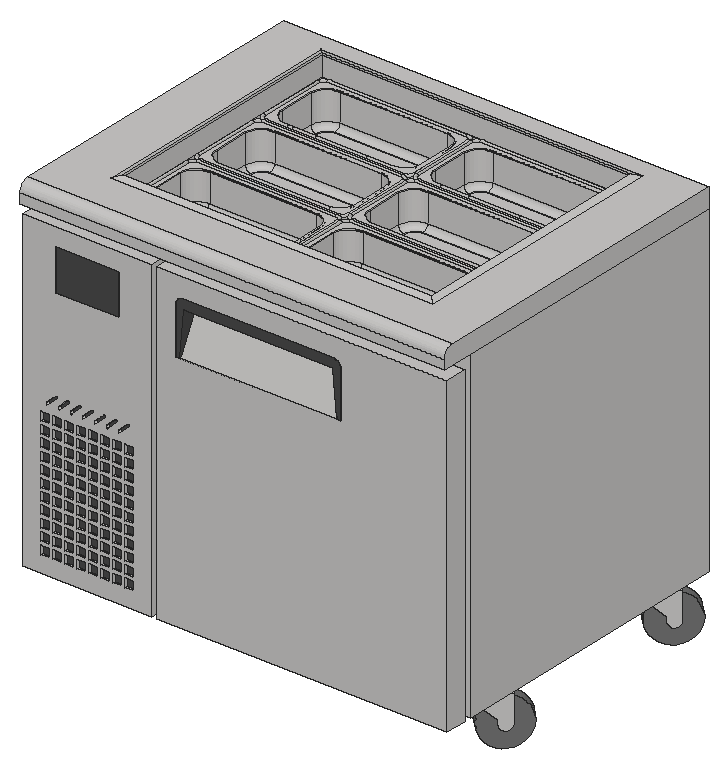
Revit family "QF_Turbo Air_JBT-36", category Specialty Equipment, Revit 2012
Parameters
  Weight in Pounds = 171
  Watermarked By = "http://revitwatermark.com"
  Volts = 115 V
  URL Cutsheet = ""
  URL = "www.turboairinc.com"
  Status [instance] = ""
  Specification by User [instance] = ""
  Specification by Manufacturer [instance] = ""
  Serial Number [instance] = ""
  Revision Code [instance] = ""
  Phase = 1
  Optional Sneeze Guard [instance] = no
  Number of Poles [instance] = 1
  NAFEM Spec ID Number [instance] = ""
  Model = "JBT-36"
  Masterspec [instance] = ""
  Manufacturer = "Turbo Air"  # constant formula
  Legs [instance] = [6 inch Legs]  # no
  Item Number [instance] = "-"
  Installed By [instance] = ""
  HP = "1/4"
  Furnished By [instance] = ""
  Foodservice Equipment Identifier = yes
  FL Amps = 6.6 A
  Electrical Remarks [instance] = ""
  Electric Connection Type [instance] = ""
  Elec Conn RI Height [instance] = 0' - 0"
  Elec Conn Connection Height = 1' - 0"
  Description = "Buffet Display Table"
  Cycle = 60 Hz
  Conn Plug = "NEMA 5-15P"
  Casters [instance] = not(Legs)  # yes
  CasterLeg Height [instance] = if([4 inch Casters], 0' 5", if([5 inch Casters], 0' 5 3/4", if([2_5 inch Casters], 0' 3 3/8", 0' 6")))  # 0' - 5"
  CSI MasterFormat = "11 41 13"
  Assembly Code = "E1090320"
  Apparent Power = if(Phase = 3, Volts * FL Amps * 1.73, Volts * FL Amps)  # 759 VA
  6 inch Legs [instance] = no
  5 inch Casters [instance] = no
  4 inch Casters [instance] = yes
  2_5 inch Casters [instance] = no
Reference planes (in)
  plane 1 "BACK": y = 0
  plane 2: z = 0
  plane 3 "LEFT": x = -20.72594
  plane 4 "Bottom": z = 5
  plane 5 "RIGHT": x = 14.64906
  plane 6 "Door Clearance": y = -49.875
  plane 7 "Back of Door": y = -25.4375
  plane 8 "Front of Box": y = -24.75
  plane 9 "Countertop Bottom": z = 32.125
  plane 10 "Top of Door": z = 31.25
  plane 11 "Front of Doors": y = -27.25
  plane 12 "Front of Ledge": y = -27.5
  plane 13 "Left of Door": x = -9.53844
  plane 14 "Right of Grill": x = -9.97594
  plane 15 "Countertop": z = 33.75
  plane 16 "Trim Left": x = -16.47594
  plane 17 "Opening Left": x = -15.91344
  plane 18 "Trim Right": x = 10.39906
  plane 19 "Opening Right": x = 9.83656
  plane 20 "Trim Back": y = -1.5
  plane 21 "Opening Back": y = -2.0625
  plane 22 "Trim Front": y = -23.375
  plane 23 "Opening Front": y = -22.8125
Forms (in)
  Extrusion 1, solid, material "QF_Finishes_Black"
    sketch origin (0, -24.75, 0) x (1, 0, 0) y (0, 0, 1)
      loop
        line (13.64906, 6) -> (13.64906, 30.25) -> (-8.53844, 30.25) -> (-8.53844, 6) -> (13.64906, 6)
    from 0 to 0.6875
  Extrusion 2, solid, material "QF_Finishes_Stainless Steel"
    sketch origin (0, 0, 0) x (1, 0, 0) y (0, 0, 1)
      loop
        circle (-15.35094, 11.125) r 0.25
    from 0 to -0.0625
  Extrusion 3, solid, material "QF_Finishes_Stainless Steel"
    sketch origin (0, -24.75, 0) x (1, 0, 0) y (0, 0, 1)
      loop
        line (-20.72594, 31.25) -> (-20.72594, 5) -> (-9.97594, 5) -> (-9.97594, 31.25) -> (-20.72594, 31.25)
      loop
        line (-11.47594, 7.125) -> (-12.22594, 7.125) -> (-12.22594, 6.375) -> (-11.47594, 6.375) -> (-11.47594, 7.125)
      loop
        line (-12.47594, 7.125) -> (-13.22594, 7.125) -> (-13.22594, 6.375) -> (-12.47594, 6.375) -> (-12.47594, 7.125)
      loop
        line (-13.47594, 7.125) -> (-14.22594, 7.125) -> (-14.22594, 6.375) -> (-13.47594, 6.375) -> (-13.47594, 7.125)
      loop
        line (-14.47594, 7.125) -> (-15.22594, 7.125) -> (-15.22594, 6.375) -> (-14.47594, 6.375) -> (-14.47594, 7.125)
      loop
        line (-15.47594, 7.125) -> (-16.22594, 7.125) -> (-16.22594, 6.375) -> (-15.47594, 6.375) -> (-15.47594, 7.125)
      loop
        line (-16.47594, 7.125) -> (-17.22594, 7.125) -> (-17.22594, 6.375) -> (-16.47594, 6.375) -> (-16.47594, 7.125)
      loop
        line (-17.47594, 7.125) -> (-18.22594, 7.125) -> (-18.22594, 6.375) -> (-17.47594, 6.375) -> (-17.47594, 7.125)
      loop
        line (-18.47594, 7.125) -> (-19.22594, 7.125) -> (-19.22594, 6.375) -> (-18.47594, 6.375) -> (-18.47594, 7.125)
      loop
        line (-11.47594, 8.125) -> (-12.22594, 8.125) -> (-12.22594, 7.375) -> (-11.47594, 7.375) -> (-11.47594, 8.125)
      loop
        line (-12.47594, 8.125) -> (-13.22594, 8.125) -> (-13.22594, 7.375) -> (-12.47594, 7.375) -> (-12.47594, 8.125)
      loop
        line (-13.47594, 8.125) -> (-14.22594, 8.125) -> (-14.22594, 7.375) -> (-13.47594, 7.375) -> (-13.47594, 8.125)
      loop
        line (-14.47594, 8.125) -> (-15.22594, 8.125) -> (-15.22594, 7.375) -> (-14.47594, 7.375) -> (-14.47594, 8.125)
      loop
        line (-15.47594, 8.125) -> (-16.22594, 8.125) -> (-16.22594, 7.375) -> (-15.47594, 7.375) -> (-15.47594, 8.125)
      loop
        line (-16.47594, 8.125) -> (-17.22594, 8.125) -> (-17.22594, 7.375) -> (-16.47594, 7.375) -> (-16.47594, 8.125)
      loop
        line (-17.47594, 8.125) -> (-18.22594, 8.125) -> (-18.22594, 7.375) -> (-17.47594, 7.375) -> (-17.47594, 8.125)
      loop
        line (-18.47594, 8.125) -> (-19.22594, 8.125) -> (-19.22594, 7.375) -> (-18.47594, 7.375) -> (-18.47594, 8.125)
      loop
        line (-11.47594, 9.125) -> (-12.22594, 9.125) -> (-12.22594, 8.375) -> (-11.47594, 8.375) -> (-11.47594, 9.125)
      loop
        line (-12.47594, 9.125) -> (-13.22594, 9.125) -> (-13.22594, 8.375) -> (-12.47594, 8.375) -> (-12.47594, 9.125)
      loop
        line (-13.47594, 9.125) -> (-14.22594, 9.125) -> (-14.22594, 8.375) -> (-13.47594, 8.375) -> (-13.47594, 9.125)
      loop
        line (-14.47594, 9.125) -> (-15.22594, 9.125) -> (-15.22594, 8.375) -> (-14.47594, 8.375) -> (-14.47594, 9.125)
      loop
        line (-15.47594, 9.125) -> (-16.22594, 9.125) -> (-16.22594, 8.375) -> (-15.47594, 8.375) -> (-15.47594, 9.125)
      loop
        line (-16.47594, 9.125) -> (-17.22594, 9.125) -> (-17.22594, 8.375) -> (-16.47594, 8.375) -> (-16.47594, 9.125)
      loop
        line (-17.47594, 9.125) -> (-18.22594, 9.125) -> (-18.22594, 8.375) -> (-17.47594, 8.375) -> (-17.47594, 9.125)
      loop
        line (-18.47594, 9.125) -> (-19.22594, 9.125) -> (-19.22594, 8.375) -> (-18.47594, 8.375) -> (-18.47594, 9.125)
      loop
        line (-11.47594, 10.125) -> (-12.22594, 10.125) -> (-12.22594, 9.375) -> (-11.47594, 9.375) -> (-11.47594, 10.125)
      loop
        line (-12.47594, 10.125) -> (-13.22594, 10.125) -> (-13.22594, 9.375) -> (-12.47594, 9.375) -> (-12.47594, 10.125)
      loop
        line (-13.47594, 10.125) -> (-14.22594, 10.125) -> (-14.22594, 9.375) -> (-13.47594, 9.375) -> (-13.47594, 10.125)
      loop
        line (-14.47594, 10.125) -> (-15.22594, 10.125) -> (-15.22594, 9.375) -> (-14.47594, 9.375) -> (-14.47594, 10.125)
      loop
        line (-15.47594, 10.125) -> (-16.22594, 10.125) -> (-16.22594, 9.375) -> (-15.47594, 9.375) -> (-15.47594, 10.125)
      loop
        line (-16.47594, 10.125) -> (-17.22594, 10.125) -> (-17.22594, 9.375) -> (-16.47594, 9.375) -> (-16.47594, 10.125)
      loop
        line (-17.47594, 10.125) -> (-18.22594, 10.125) -> (-18.22594, 9.375) -> (-17.47594, 9.375) -> (-17.47594, 10.125)
      loop
        line (-18.47594, 10.125) -> (-19.22594, 10.125) -> (-19.22594, 9.375) -> (-18.47594, 9.375) -> (-18.47594, 10.125)
      loop
        line (-11.47594, 11.125) -> (-12.22594, 11.125) -> (-12.22594, 10.375) -> (-11.47594, 10.375) -> (-11.47594, 11.125)
      loop
        line (-12.47594, 11.125) -> (-13.22594, 11.125) -> (-13.22594, 10.375) -> (-12.47594, 10.375) -> (-12.47594, 11.125)
      loop
        line (-13.47594, 11.125) -> (-14.22594, 11.125) -> (-14.22594, 10.375) -> (-13.47594, 10.375) -> (-13.47594, 11.125)
      loop
        line (-14.47594, 11.125) -> (-15.22594, 11.125) -> (-15.22594, 10.375) -> (-14.47594, 10.375) -> (-14.47594, 11.125)
      loop
        line (-15.47594, 11.125) -> (-16.22594, 11.125) -> (-16.22594, 10.375) -> (-15.47594, 10.375) -> (-15.47594, 11.125)
      loop
        line (-16.47594, 11.125) -> (-17.22594, 11.125) -> (-17.22594, 10.375) -> (-16.47594, 10.375) -> (-16.47594, 11.125)
      loop
        line (-17.47594, 11.125) -> (-18.22594, 11.125) -> (-18.22594, 10.375) -> (-17.47594, 10.375) -> (-17.47594, 11.125)
      loop
        line (-18.47594, 11.125) -> (-19.22594, 11.125) -> (-19.22594, 10.375) -> (-18.47594, 10.375) -> (-18.47594, 11.125)
      loop
        line (-11.47594, 12.125) -> (-12.22594, 12.125) -> (-12.22594, 11.375) -> (-11.47594, 11.375) -> (-11.47594, 12.125)
      loop
        line (-12.47594, 12.125) -> (-13.22594, 12.125) -> (-13.22594, 11.375) -> (-12.47594, 11.375) -> (-12.47594, 12.125)
      loop
        line (-13.47594, 12.125) -> (-14.22594, 12.125) -> (-14.22594, 11.375) -> (-13.47594, 11.375) -> (-13.47594, 12.125)
      loop
        line (-14.47594, 12.125) -> (-15.22594, 12.125) -> (-15.22594, 11.375) -> (-14.47594, 11.375) -> (-14.47594, 12.125)
      loop
        line (-15.47594, 12.125) -> (-16.22594, 12.125) -> (-16.22594, 11.375) -> (-15.47594, 11.375) -> (-15.47594, 12.125)
      loop
        line (-16.47594, 12.125) -> (-17.22594, 12.125) -> (-17.22594, 11.375) -> (-16.47594, 11.375) -> (-16.47594, 12.125)
      loop
        line (-17.47594, 12.125) -> (-18.22594, 12.125) -> (-18.22594, 11.375) -> (-17.47594, 11.375) -> (-17.47594, 12.125)
      loop
        line (-18.47594, 12.125) -> (-19.22594, 12.125) -> (-19.22594, 11.375) -> (-18.47594, 11.375) -> (-18.47594, 12.125)
      loop
        line (-11.47594, 13.125) -> (-12.22594, 13.125) -> (-12.22594, 12.375) -> (-11.47594, 12.375) -> (-11.47594, 13.125)
      loop
        line (-12.47594, 13.125) -> (-13.22594, 13.125) -> (-13.22594, 12.375) -> (-12.47594, 12.375) -> (-12.47594, 13.125)
      loop
        line (-13.47594, 13.125) -> (-14.22594, 13.125) -> (-14.22594, 12.375) -> (-13.47594, 12.375) -> (-13.47594, 13.125)
      loop
        line (-14.47594, 13.125) -> (-15.22594, 13.125) -> (-15.22594, 12.375) -> (-14.47594, 12.375) -> (-14.47594, 13.125)
      loop
        line (-15.47594, 13.125) -> (-16.22594, 13.125) -> (-16.22594, 12.375) -> (-15.47594, 12.375) -> (-15.47594, 13.125)
      loop
        line (-16.47594, 13.125) -> (-17.22594, 13.125) -> (-17.22594, 12.375) -> (-16.47594, 12.375) -> (-16.47594, 13.125)
      loop
        line (-17.47594, 13.125) -> (-18.22594, 13.125) -> (-18.22594, 12.375) -> (-17.47594, 12.375) -> (-17.47594, 13.125)
      loop
        line (-18.47594, 13.125) -> (-19.22594, 13.125) -> (-19.22594, 12.375) -> (-18.47594, 12.375) -> (-18.47594, 13.125)
      loop
        line (-11.47594, 14.125) -> (-12.22594, 14.125) -> (-12.22594, 13.375) -> (-11.47594, 13.375) -> (-11.47594, 14.125)
      loop
        line (-12.47594, 14.125) -> (-13.22594, 14.125) -> (-13.22594, 13.375) -> (-12.47594, 13.375) -> (-12.47594, 14.125)
      loop
        line (-13.47594, 14.125) -> (-14.22594, 14.125) -> (-14.22594, 13.375) -> (-13.47594, 13.375) -> (-13.47594, 14.125)
      loop
        line (-14.47594, 14.125) -> (-15.22594, 14.125) -> (-15.22594, 13.375) -> (-14.47594, 13.375) -> (-14.47594, 14.125)
      loop
        line (-15.47594, 14.125) -> (-16.22594, 14.125) -> (-16.22594, 13.375) -> (-15.47594, 13.375) -> (-15.47594, 14.125)
      loop
        line (-16.47594, 14.125) -> (-17.22594, 14.125) -> (-17.22594, 13.375) -> (-16.47594, 13.375) -> (-16.47594, 14.125)
      loop
        line (-17.47594, 14.125) -> (-18.22594, 14.125) -> (-18.22594, 13.375) -> (-17.47594, 13.375) -> (-17.47594, 14.125)
      loop
        line (-18.47594, 14.125) -> (-19.22594, 14.125) -> (-19.22594, 13.375) -> (-18.47594, 13.375) -> (-18.47594, 14.125)
      loop
        line (-11.47594, 15.125) -> (-12.22594, 15.125) -> (-12.22594, 14.375) -> (-11.47594, 14.375) -> (-11.47594, 15.125)
      loop
        line (-12.47594, 15.125) -> (-13.22594, 15.125) -> (-13.22594, 14.375) -> (-12.47594, 14.375) -> (-12.47594, 15.125)
      loop
        line (-13.47594, 15.125) -> (-14.22594, 15.125) -> (-14.22594, 14.375) -> (-13.47594, 14.375) -> (-13.47594, 15.125)
      loop
        line (-14.47594, 15.125) -> (-15.22594, 15.125) -> (-15.22594, 14.375) -> (-14.47594, 14.375) -> (-14.47594, 15.125)
      loop
        line (-15.47594, 15.125) -> (-16.22594, 15.125) -> (-16.22594, 14.375) -> (-15.47594, 14.375) -> (-15.47594, 15.125)
      loop
        line (-16.47594, 15.125) -> (-17.22594, 15.125) -> (-17.22594, 14.375) -> (-16.47594, 14.375) -> (-16.47594, 15.125)
      loop
        line (-17.47594, 15.125) -> (-18.22594, 15.125) -> (-18.22594, 14.375) -> (-17.47594, 14.375) -> (-17.47594, 15.125)
      loop
        line (-18.47594, 15.125) -> (-19.22594, 15.125) -> (-19.22594, 14.375) -> (-18.47594, 14.375) -> (-18.47594, 15.125)
      loop
        line (-11.47594, 16.125) -> (-12.22594, 16.125) -> (-12.22594, 15.375) -> (-11.47594, 15.375) -> (-11.47594, 16.125)
      loop
        line (-12.47594, 16.125) -> (-13.22594, 16.125) -> (-13.22594, 15.375) -> (-12.47594, 15.375) -> (-12.47594, 16.125)
      loop
        line (-13.47594, 16.125) -> (-14.22594, 16.125) -> (-14.22594, 15.375) -> (-13.47594, 15.375) -> (-13.47594, 16.125)
      loop
        line (-14.47594, 16.125) -> (-15.22594, 16.125) -> (-15.22594, 15.375) -> (-14.47594, 15.375) -> (-14.47594, 16.125)
      loop
        line (-15.47594, 16.125) -> (-16.22594, 16.125) -> (-16.22594, 15.375) -> (-15.47594, 15.375) -> (-15.47594, 16.125)
      loop
        line (-16.47594, 16.125) -> (-17.22594, 16.125) -> (-17.22594, 15.375) -> (-16.47594, 15.375) -> (-16.47594, 16.125)
      loop
        line (-17.47594, 16.125) -> (-18.22594, 16.125) -> (-18.22594, 15.375) -> (-17.47594, 15.375) -> (-17.47594, 16.125)
      loop
        line (-18.47594, 16.125) -> (-19.22594, 16.125) -> (-19.22594, 15.375) -> (-18.47594, 15.375) -> (-18.47594, 16.125)
      loop
        line (-11.47594, 17.125) -> (-12.22594, 17.125) -> (-12.22594, 16.375) -> (-11.47594, 16.375) -> (-11.47594, 17.125)
      loop
        line (-12.47594, 17.125) -> (-13.22594, 17.125) -> (-13.22594, 16.375) -> (-12.47594, 16.375) -> (-12.47594, 17.125)
      loop
        line (-13.47594, 17.125) -> (-14.22594, 17.125) -> (-14.22594, 16.375) -> (-13.47594, 16.375) -> (-13.47594, 17.125)
      loop
        line (-14.47594, 17.125) -> (-15.22594, 17.125) -> (-15.22594, 16.375) -> (-14.47594, 16.375) -> (-14.47594, 17.125)
      loop
        line (-15.47594, 17.125) -> (-16.22594, 17.125) -> (-16.22594, 16.375) -> (-15.47594, 16.375) -> (-15.47594, 17.125)
      loop
        line (-16.47594, 17.125) -> (-17.22594, 17.125) -> (-17.22594, 16.375) -> (-16.47594, 16.375) -> (-16.47594, 17.125)
      loop
        line (-17.47594, 17.125) -> (-18.22594, 17.125) -> (-18.22594, 16.375) -> (-17.47594, 16.375) -> (-17.47594, 17.125)
      loop
        line (-18.47594, 17.125) -> (-19.22594, 17.125) -> (-19.22594, 16.375) -> (-18.47594, 16.375) -> (-18.47594, 17.125)
      loop
        arc (-14.68933, 17.96339) -> (-14.68933, 17.78661) -> (-14.51255, 17.78661) r 0.125
        line (-14.51255, 17.78661) -> (-13.80544, 18.49372)
        arc (-13.80544, 18.49372) -> (-13.80544, 18.6705) -> (-13.98222, 18.6705) r 0.125
        line (-13.98222, 18.6705) -> (-14.68933, 17.96339)
      loop
        arc (-13.68933, 17.96339) -> (-13.68933, 17.78661) -> (-13.51255, 17.78661) r 0.125
        line (-13.51255, 17.78661) -> (-12.80544, 18.49372)
        arc (-12.80544, 18.49372) -> (-12.80544, 18.6705) -> (-12.98222, 18.6705) r 0.125
        line (-12.98222, 18.6705) -> (-13.68933, 17.96339)
      loop
        arc (-12.68933, 17.96339) -> (-12.68933, 17.78661) -> (-12.51255, 17.78661) r 0.125
        line (-12.51255, 17.78661) -> (-11.80544, 18.49372)
        arc (-11.80544, 18.49372) -> (-11.80544, 18.6705) -> (-11.98222, 18.6705) r 0.125
        line (-11.98222, 18.6705) -> (-12.68933, 17.96339)
      loop
        arc (-17.68933, 17.96339) -> (-17.68933, 17.78661) -> (-17.51255, 17.78661) r 0.125
        line (-17.51255, 17.78661) -> (-16.80544, 18.49372)
        arc (-16.80544, 18.49372) -> (-16.80544, 18.6705) -> (-16.98222, 18.6705) r 0.125
        line (-16.98222, 18.6705) -> (-17.68933, 17.96339)
      loop
        arc (-16.68933, 17.96339) -> (-16.68933, 17.78661) -> (-16.51255, 17.78661) r 0.125
        line (-16.51255, 17.78661) -> (-15.80544, 18.49372)
        arc (-15.80544, 18.49372) -> (-15.80544, 18.6705) -> (-15.98222, 18.6705) r 0.125
        line (-15.98222, 18.6705) -> (-16.68933, 17.96339)
      loop
        arc (-15.68933, 17.96339) -> (-15.68933, 17.78661) -> (-15.51255, 17.78661) r 0.125
        line (-15.51255, 17.78661) -> (-14.80544, 18.49372)
        arc (-14.80544, 18.49372) -> (-14.80544, 18.6705) -> (-14.98222, 18.6705) r 0.125
        line (-14.98222, 18.6705) -> (-15.68933, 17.96339)
      loop
        arc (-18.68933, 17.96339) -> (-18.68933, 17.78661) -> (-18.51255, 17.78661) r 0.125
        line (-18.51255, 17.78661) -> (-17.80544, 18.49372)
        arc (-17.80544, 18.49372) -> (-17.80544, 18.6705) -> (-17.98222, 18.6705) r 0.125
        line (-17.98222, 18.6705) -> (-18.68933, 17.96339)
      loop
        line (-12.72594, 29.75) -> (-17.97594, 29.75) -> (-17.97594, 26.375) -> (-12.72594, 26.375) -> (-12.72594, 29.75)
    from 0 to 2.5
  Extrusion 4, solid, material "QF_Finishes_Black"
    sketch origin (0, -24.75, 0) x (1, 0, 0) y (0, 0, 1)
      loop
        line (-19.72594, 5.875) -> (-10.97594, 5.875) -> (-10.97594, 19.125) -> (-19.72594, 19.125) -> (-19.72594, 5.875)
    from 0 to 2.25
  Extrusion 5, solid, material "QF_Finishes_Black"
    sketch origin (0, -24.75, 0) x (1, 0, 0) y (0, 0, 1)
      loop
        line (-17.97594, 29.75) -> (-17.97594, 26.375) -> (-12.72594, 26.375) -> (-12.72594, 29.75) -> (-17.97594, 29.75)
    from 0 to 2.5
  Extrusion 6, solid, material "QF_Finishes_Stainless Steel"
    sketch origin (-20.72594, 0, 0) x (0, 1, 0) y (0, 0, 1)
      loop
        line (0, 33.75) -> (-26.6875, 33.75)
        arc (-26.6875, 33.75) -> (-27.26202, 33.51202) -> (-27.5, 32.9375) r 0.8125
        line (-27.5, 32.9375) -> (-27.5, 32.125) -> (0, 32.125) -> (0, 33.75)
    from 0 to 35.375
  Blend 7, solid, material "QF_Finishes_Polished Steel"
    base sketch origin (0, 0, 33.75) x (0, 1, 0) y (-1, 0, 0)
      loop
        line (-1.5, 16.47594) -> (-23.375, 16.47594) -> (-23.375, -10.39906) -> (-1.5, -10.39906) -> (-1.5, 16.47594)
    top sketch origin (0, 0, 33.75) x (0, 1, 0) y (-1, 0, 0)
      loop
        line (-2.0625, 15.91344) -> (-22.8125, 15.91344) -> (-22.8125, -9.83656) -> (-2.0625, -9.83656) -> (-2.0625, 15.91344)
    from 0 to 0.1875
  Extrusion 8, void
    sketch origin (0, 0, 5) x (0, 1, 0) y (-1, 0, 0)
      loop
        line (-2.0625, 15.91344) -> (-22.8125, 15.91344) -> (-22.8125, -9.83656) -> (-2.0625, -9.83656) -> (-2.0625, 15.91344)
    from 0.1875 to 28.9375
  Extrusion 9, solid, material "QF_Finishes_Stainless Steel"
    sketch origin (0, 0, 5) x (0, 1, 0) y (-1, 0, 0)
      loop
        line (0, 20.72594) -> (-24.75, 20.72594) -> (-24.75, -14.64906) -> (0, -14.64906) -> (0, 20.72594)
      loop
        line (-2.0625, 15.91344) -> (-22.8125, 15.91344) -> (-22.8125, -9.83656) -> (-2.0625, -9.83656) -> (-2.0625, 15.91344)
    from 0 to 27.125
  Extrusion 10, solid, material "QF_Finishes_Stainless Steel"
    sketch origin (0, 0, 5) x (0, 1, 0) y (-1, 0, 0)
      loop
        line (-2.0625, 15.91344) -> (-22.8125, 15.91344) -> (-22.8125, -9.83656) -> (-2.0625, -9.83656) -> (-2.0625, 15.91344)
    from 0 to 21.125
Cuts and joins
  Extrusion 8 cuts Extrusion 6
  Extrusion 8 cuts Blend 7
Lines and regions (in)
  symbolic lines
    curve 1: line (-20.72594, 0, 32.125) -> (14.64906, 0, 32.125)
    curve 2: line (-20.72594, -27.5, 32.125) -> (-20.72594, 0, 32.125)
    curve 3: line (14.64906, -27.5, 32.125) -> (-20.72594, -27.5, 32.125)
    curve 4: line (14.64906, 0, 32.125) -> (14.64906, -27.5, 32.125)
    curve 7: line (-16.47594, -1.5, 32.125) -> (10.39906, -1.5, 32.125)
    curve 8: line (-16.47594, -23.375, 32.125) -> (-16.47594, -1.5, 32.125)
    curve 9: line (10.39906, -23.375, 32.125) -> (-16.47594, -23.375, 32.125)
    curve 10: line (10.39906, -1.5, 32.125) -> (10.39906, -23.375, 32.125)
    curve 11: line (-15.91344, -2.0625, 32.125) -> (9.83656, -2.0625, 32.125)
    curve 12: line (-15.91344, -22.8125, 32.125) -> (-15.91344, -2.0625, 32.125)
    curve 13: line (9.83656, -22.8125, 32.125) -> (-15.91344, -22.8125, 32.125)
    curve 14: line (9.83656, -2.0625, 32.125) -> (9.83656, -22.8125, 32.125)
  symbolic lines, style "QF_Clearances", detail levels coarse
    curve 5: line (14.64906, -27.5, 32.125) -> (14.64906, -49.875, 32.125)
    curve 6: arc (14.64906, -49.875, 32.125) -> (-1.80079, -43.41989, 32.125) -> (-9.47043, -27.5, 32.125) r 24.1875
Dimensions and locks (in)
  "CasterLeg Height": plane 4 "Bottom" to plane 2
  locked: plane 5 "RIGHT" to plane 3 "LEFT" at 35.375
  locked: plane 6 "Door Clearance" to plane 1 "BACK" at 49.875
  plane 9 "Countertop Bottom" to plane 4 "Bottom" = 2' - 3 1/8"
  locked: Extrusion 1 sketch curve to plane 5 "RIGHT" at 1
  locked: nested 1 to plane 1 "BACK" at 2.5625
  locked: plane 3 "LEFT" to nested 1 at 2.5
  locked: plane 3 "LEFT" to nested 2 at 2.5
  locked: plane 8 "Front of Box" to nested 2 at 4.625
  locked: nested 3 to plane 5 "RIGHT" at 2.5
  locked: nested 4 to plane 5 "RIGHT" at 2.5
  locked: plane 8 "Front of Box" to nested 4 at 4.625
  locked: nested 3 to plane 1 "BACK" at 2.5625
  locked: Extrusion 2 sketch curve to plane 4 "Bottom" at 6.125
  locked: Extrusion 1 sketch curve to plane 4 "Bottom" at 1
  locked: plane 10 "Top of Door" to Extrusion 1 sketch curve at 1
  locked: plane 12 "Front of Ledge" to plane 11 "Front of Doors" at 0.25
  locked: plane 9 "Countertop Bottom" to plane 10 "Top of Door" at 0.875
  locked: plane 13 "Left of Door" to plane 5 "RIGHT" at 24.1875
  locked: plane 3 "LEFT" to plane 14 "Right of Grill" at 10.75
  locked: Extrusion 1 sketch curve to plane 13 "Left of Door" at 1
  locked: plane 3 "LEFT" to Extrusion 4 sketch curve at 1
  locked: plane 14 "Right of Grill" to Extrusion 4 sketch curve at 1
  locked: Extrusion 4 sketch curve to plane 4 "Bottom" at 0.875
  locked: Extrusion 4 sketch curve to Extrusion 4 sketch curve at 13.25
  locked: Extrusion 2 sketch curve to plane 3 "LEFT" at 5.375
  locked: plane 11 "Front of Doors" to plane 8 "Front of Box" at 2.5
  locked: plane 7 "Back of Door" to plane 8 "Front of Box" at 0.6875
  locked: plane 12 "Front of Ledge" to plane 1 "BACK" at 27.5
  locked: plane 3 "LEFT" to plane 16 "Trim Left" at 4.25
  locked: plane 16 "Trim Left" to plane 17 "Opening Left" at 0.5625
  locked: plane 18 "Trim Right" to plane 5 "RIGHT" at 4.25
  locked: plane 19 "Opening Right" to plane 18 "Trim Right" at 0.5625
  locked: plane 20 "Trim Back" to plane 1 "BACK" at 1.5
  locked: plane 21 "Opening Back" to plane 20 "Trim Back" at 0.5625
  locked: plane 22 "Trim Front" to plane 23 "Opening Front" at 0.5625
  locked: plane 22 "Trim Front" to plane 20 "Trim Back" at 21.875
  locked: plane 15 "Countertop" to plane 9 "Countertop Bottom" at 1.625
  aligned and locked: level to plane 2
  aligned and locked: plane 7 "Back of Door" to Extrusion 1
  aligned and locked: plane 1 "BACK" to curve 1
  aligned and locked: plane 3 "LEFT" to curve 2
  aligned and locked: plane 4 "Bottom" to nested 5
  aligned and locked: plane 13 "Left of Door" to nested 5
  aligned and locked: Extrusion 3 sketch curve to plane 10 "Top of Door"
  aligned and locked: plane 3 "LEFT" to Extrusion 3 sketch curve
  aligned and locked: plane 4 "Bottom" to Extrusion 3 sketch curve
  aligned and locked: plane 14 "Right of Grill" to Extrusion 3 sketch curve
  aligned and locked: plane 11 "Front of Doors" to Extrusion 3
  aligned and locked: plane 11 "Front of Doors" to Extrusion 5
  aligned and locked: plane 5 "RIGHT" to nested 5
  aligned and locked: curve 3 to plane 12 "Front of Ledge"
  aligned and locked: Extrusion 6 sketch curve to plane 15 "Countertop"
  aligned and locked: plane 1 "BACK" to Extrusion 6 sketch curve
  aligned and locked: plane 9 "Countertop Bottom" to Extrusion 6 sketch curve
  aligned and locked: Extrusion 6 sketch curve to plane 12 "Front of Ledge"
  aligned and locked: plane 5 "RIGHT" to Extrusion 6
  aligned and locked: plane 20 "Trim Back" to Blend 7 sketch curve
  aligned and locked: Blend 7 sketch curve to plane 22 "Trim Front"
  aligned and locked: Blend 7 sketch curve to plane 18 "Trim Right"
  aligned and locked: plane 16 "Trim Left" to Blend 7 sketch curve
  aligned and locked: plane 21 "Opening Back" to Blend 7 sketch curve
  aligned and locked: plane 17 "Opening Left" to Blend 7 sketch curve
  aligned and locked: Blend 7 sketch curve to plane 23 "Opening Front"
  aligned and locked: Blend 7 sketch curve to plane 19 "Opening Right"
  aligned and locked: plane 21 "Opening Back" to Extrusion 8 sketch curve
  aligned and locked: plane 17 "Opening Left" to Extrusion 8 sketch curve
  aligned and locked: Extrusion 8 sketch curve to plane 23 "Opening Front"
  aligned and locked: Extrusion 8 sketch curve to plane 19 "Opening Right"
  aligned and locked: plane 1 "BACK" to Extrusion 9 sketch curve
  aligned and locked: Extrusion 9 sketch curve to plane 5 "RIGHT"
  aligned and locked: plane 3 "LEFT" to Extrusion 9 sketch curve
  aligned and locked: Extrusion 9 sketch curve to plane 8 "Front of Box"
  aligned and locked: plane 17 "Opening Left" to Extrusion 9 sketch curve
  aligned and locked: plane 21 "Opening Back" to Extrusion 9 sketch curve
  aligned and locked: Extrusion 9 sketch curve to plane 19 "Opening Right"
  aligned and locked: Extrusion 9 sketch curve to plane 23 "Opening Front"
  aligned and locked: plane 9 "Countertop Bottom" to Extrusion 9
  aligned and locked: plane 21 "Opening Back" to Extrusion 10 sketch curve
  aligned and locked: Extrusion 10 sketch curve to plane 19 "Opening Right"
  aligned and locked: Extrusion 10 sketch curve to plane 23 "Opening Front"
  aligned and locked: plane 17 "Opening Left" to Extrusion 10 sketch curve
  aligned and locked: plane 20 "Trim Back" to curve 7
  aligned and locked: plane 21 "Opening Back" to curve 11
  aligned and locked: plane 16 "Trim Left" to curve 8
  aligned and locked: plane 17 "Opening Left" to curve 12
  aligned and locked: curve 10 to plane 18 "Trim Right"
  aligned and locked: curve 14 to plane 19 "Opening Right"
  aligned and locked: curve 9 to plane 22 "Trim Front"
  aligned and locked: curve 13 to plane 23 "Opening Front"
  aligned and locked: nested 6 to plane 9 "Countertop Bottom"
  aligned and locked: nested 7 to plane 9 "Countertop Bottom"
  aligned and locked: nested 8 to plane 9 "Countertop Bottom"
  aligned and locked: nested 9 to plane 9 "Countertop Bottom"
  aligned and locked: nested 10 to plane 9 "Countertop Bottom"
  aligned and locked: nested 11 to plane 9 "Countertop Bottom"
Automatic sketch dimensions
  Extrusion 3 sketch curve to Extrusion 3 sketch curve = 0' - 0"  (x162)
  Extrusion 3 sketch curve to Extrusion 3 sketch curve = 0' - 0.08839"  (x42)
  Extrusion 3 sketch curve to Extrusion 3 sketch curve = 0' - 0 1/4"  (x127)
  Extrusion 3 sketch curve to Extrusion 3 sketch curve = 0' - 0.82322"  (x6)
  Extrusion 3 sketch curve to Extrusion 3 sketch curve = 0' - 0.11612"  (x6)
  Extrusion 3 sketch curve to Extrusion 3 sketch curve = 0' - 0 3/4"  (x54)
  Extrusion 3 sketch curve to Extrusion 3 sketch curve = 0' - 0.03661"  (x6)
  Extrusion 3 sketch curve to plane 14 "Right of Grill" = 0' - 2 3/4"
  plane 4 "Bottom" to Extrusion 3 sketch curve = 0' - 1 3/8"  (x2)
  Extrusion 3 sketch curve to Extrusion 3 sketch curve = 0' - 0.66161"  (x7)
  Extrusion 3 sketch curve to Extrusion 3 sketch curve = 0' - 0.53033"  (x6)
  Extrusion 3 sketch curve to Extrusion 3 sketch curve = 0' - 0.70711"  (x2)
  Extrusion 3 sketch curve to plane 10 "Top of Door" = 0' - 4 7/8"
  Extrusion 3 sketch curve to plane 10 "Top of Door" = 0' - 1 1/2"
  Extrusion 5 sketch curve to plane 14 "Right of Grill" = 0' - 2 3/4"
  Extrusion 5 sketch curve to plane 10 "Top of Door" = 0' - 4 7/8"
  Extrusion 5 sketch curve to plane 10 "Top of Door" = 0' - 1 1/2"
  plane 3 "LEFT" to Extrusion 3 sketch curve = 0' - 1 1/2"
  Extrusion 3 sketch curve to Extrusion 3 sketch curve = 0' - 0.53661"
  plane 3 "LEFT" to Extrusion 3 sketch curve = 0' - 2 3/4"
  plane 3 "LEFT" to Extrusion 5 sketch curve = 0' - 2 3/4"
  Extrusion 6 sketch curve to plane 11 "Front of Doors" = 0' - 0 9/16"
  curve 6 to plane 5 "RIGHT" = 0' - 0"
  plane 6 "Door Clearance" to curve 6 = 0' - 0"
  plane 7 "Back of Door" to curve 6 = 0' - 0 1/4"
  radius of Extrusion 2 sketch curve = 0' - 0 1/4"
Nested families (in)
  nested 1: "FESCasterLeg" at (-18.22594, -2.5625, 0), Height <- "CasterLeg Height", Legs <- "Legs", Casters <- "Casters", type "FESCasterLeg"
    with Legs no, Height 0' - 5", Casters yes, Caster Radius 0' - 2"
  nested 2: "FESCasterLeg" at (-18.22594, -20.125, 0), Height <- "CasterLeg Height", Legs <- "Legs", Casters <- "Casters", type "FESCasterLeg"
    with Legs no, Height 0' - 5", Casters yes, Caster Radius 0' - 2"
  nested 3: "FESCasterLeg" at (12.14906, -2.5625, 0), Height <- "CasterLeg Height", Legs <- "Legs", Casters <- "Casters", type "FESCasterLeg"
    with Legs no, Height 0' - 5", Casters yes, Caster Radius 0' - 2"
  nested 4: "FESCasterLeg" at (12.14906, -20.125, 0), Height <- "CasterLeg Height", Legs <- "Legs", Casters <- "Casters", type "FESCasterLeg"
    with Legs no, Height 0' - 5", Casters yes, Caster Radius 0' - 2"
  nested 5: "QF_Turbo Air_TBL_Door-1" at (-0.52761, -25.4375, 5) x (-1, 0, 0) z (0, 0, 1), type "QF_Turbo Air_TBL_Door-1"
    with Width 2' - 0 3/16", Symbolic Lines no, Height 2' - 2 1/4", Handle Width 1' - 1 11/16", Depth 0' - 1 13/16"
  nested 6: "QF_Turbo Air_Pan" at (-1.39408, -2.1875, 32.125), type "QF_Turbo Air_Pan"
    with Width 1' - 0 3/4", Pan Depth 0' - 3", Depth 0' - 6 13/16"
  nested 7: "QF_Turbo Air_Pan" at (11.35592, -2.1875, 32.125), type "QF_Turbo Air_Pan"
    with Width 1' - 0 3/4", Pan Depth 0' - 3", Depth 0' - 6 13/16"
  nested 8: "QF_Turbo Air_Pan" at (-1.39408, -9, 32.125), type "QF_Turbo Air_Pan"
    with Width 1' - 0 3/4", Pan Depth 0' - 3", Depth 0' - 6 13/16"
  nested 9: "QF_Turbo Air_Pan" at (11.35592, -9, 32.125), type "QF_Turbo Air_Pan"
    with Width 1' - 0 3/4", Pan Depth 0' - 3", Depth 0' - 6 13/16"
  nested 10: "QF_Turbo Air_Pan" at (-1.39408, -15.8125, 32.125), type "QF_Turbo Air_Pan"
    with Width 1' - 0 3/4", Pan Depth 0' - 3", Depth 0' - 6 13/16"
  nested 11: "QF_Turbo Air_Pan" at (11.35592, -15.8125, 32.125), type "QF_Turbo Air_Pan"
    with Width 1' - 0 3/4", Pan Depth 0' - 3", Depth 0' - 6 13/16"
  nested 12: "QF_Turbo Air_SNZ_cat" at (23.88575, -12.375, 33.75), visible <- "Optional Sneeze Guard", type "SNZ-36"
    with Status "", Specification by User "", Specification by Manufacturer "", Serial Number "", Revision Code "", NAFEM Spec ID Number "", Masterspec "", Item Number "-", Installed By "", Furnished By "", Width 2' - 11 3/8", Weight in Pounds 11
Connectors (in)
  electrical at (-15.35094, 0.0625, 11.125), driven by "Number of Poles", driven by "Volts", driven by "Apparent Power"
    settings: on Extrusion 2, index 1, voltage 115 V, apparent load 759 VA, apparent load phase1 0 VA, apparent load phase2 0 VA, apparent load phase3 0 VA, power factor 1, load classification "Other", number of poles 1, system type 30, power factor state 1, is connector primary yes, connector utility no, sub classification motor no, connector description ""
Definition of nested family "FESCasterLeg"
  Parameters (values of type "FESCasterLeg")
    Watermarked By = "http://revitwatermark.com"
    Type Comments = "⍁⍉⌁⌀⏭⎽⌇⍠⌜⍉⎖⌥⌦⌯⍭⏊⍻⍿⍊⏵⍊⏗⏠⍴⎡⌈⎀⍠⌓⌤⏘⎐⍀⌐⏬⏁⎈⏍⏦⎒⏬⌝⍩⍇⌣〈⎫〉⎁⏊⍥⍖⍥⍝⍦⌖⍀⏌⏭⎝⎼⏷⏞⍻⏯⎽⏷⏞⍻⏯⎽⏷⎺⌻⎝⍎⌧⏷⏟⏿⌿⍜⍦⍤⌁⍬⏶⏎⍊⏚⏉⎞⌡⎀⎪⏈⌟⌿⍾⍼⌟⌿⌢⌞⏜⏝⎽⍷⍷⍯⍧⍷⌯⍽⏸⏨⏾⏎⌣⏺⍹⏼⏅⎏⌽⎫⎪⍙⎓⏗⎗⏅⌴⍏⍏⍿⏑⎺⍘⌭⏲⍥⎛⎾⎾⍞⍌⎪⎲⌙⎥⏏⎟⎟⏼⏘⎏⎝⏧⏍⏁⍏⍧⏯⏾⌟"
    Legs [instance] = yes
    Height [instance] = 0' - 6"
    Caster Radius [instance] = if(Height < 0' 3", 0' 1", (Height / 2) - 0' 0 1/2")  # 0' - 2 1/2"
    Casters [instance] = yes
    Assembly Code = ""
  Reference planes (in)
    plane 1 "Center (Front/Back)": y = 0
    plane 2: z = 0
    plane 3 "Center (Left/Right)": x = 0
    plane 4: z = 6
    plane 5: z = 5.5
  Forms (in)
    Extrusion 1, solid, material "QF_Finishes_Stainless Steel", visible <- "Casters"
      sketch origin (-24.12131, -22.88887, 10.18833) x (0.707107, 0.707107, 0) y (0, 0, 1)
        loop
          line (34.98772, -7.68833) -> (34.98772, -4.93833) -> (34.48772, -4.93833) -> (34.39402, -4.68833) -> (32.39402, -4.68833) -> (32.39402, -5.43833) -> (33.98772, -7.34206) -> (33.98772, -7.68833)
          arc (33.98772, -7.68833) -> (34.48772, -8.18833) -> (34.98772, -7.68833) r 0.5
      from 0 to 1.75
    Extrusion 2, solid, material "QF_Finishes_Rubber Black", visible <- "Casters"
      sketch origin (-24.32327, -23.09083, 13.31461) x (0.707107, 0.707107, 0) y (0, 0, 1)
        loop
          circle (34.77334, -10.81461) r 2.5
      from 0.375 to 1.375
    Extrusion 3, solid, material "QF_Finishes_Stainless Steel", visible <- "Casters"
      sketch origin (-7.24148, -8.48391, 0) x (0.707107, 0.707107, 0) y (0, 0, 1)
        loop
          line (10.61603, 5.5) -> (11.61603, 5.5) -> (11.61603, 6) -> (10.61603, 6) -> (10.61603, 5.5)
      from 0 to -1.75
    Blend 4, solid, material "QF_Finishes_Stainless Steel", visible <- "Legs"
      base sketch origin (0, 0, 0) x (1, 0, 0) y (0, 1, 0)
        loop
          circle (0, 0) r 0.5
      top sketch origin (0, 0, 0) x (1, 0, 0) y (0, 1, 0)
        loop
          circle (0, 0) r 1
      from 0 to 6 <- "Height"
  Lines and regions (in)
    symbolic lines, style "QF_Hidden Details", visible <- "Casters", built-in parameter 1006206 <- "Casters"
      curve 1: line (-1.26158, -0.51911, 0) -> (1.39007, 2.13254, 0)
      curve 2: line (-0.53429, -1.24639, 0) -> (2.11736, 1.40526, 0)
    symbolic lines, style "QF_Hidden Details", built-in parameter 1006206 <- "Casters", visible <- "Casters"
      curve 3: line (-1.26158, -0.51911, 0) -> (1.39007, 2.13254, 0)
      curve 4: line (-0.53429, -1.24639, 0) -> (2.11736, 1.40526, 0)
  Dimensions and locks (in)
    locked: plane 4 to plane 5 at 0.5
    "Height": plane 4 to level
    "Caster Radius": Extrusion 2 sketch curve to level
    "Caster Radius": Extrusion 1 sketch curve to level
    "Caster Radius": radius of Extrusion 2 sketch curve
    aligned and locked: plane 2 to level
    aligned: Blend 4 to Extrusion 3
    aligned and locked: plane 4 to Blend 4
    aligned and locked: Extrusion 3 to plane 5
    aligned and locked: plane 4 to Extrusion 3
    aligned and locked: plane 5 to Extrusion 1
  Automatic sketch dimensions
    plane 1 "Center (Front/Back)" to curve 3 = 0' - 0.51911"
    curve 3 to plane 3 "Center (Left/Right)" = 0' - 1.26158"
    plane 1 "Center (Front/Back)" to curve 1 = 0' - 0.51911"
    curve 1 to curve 3 = 0' - 0"  (x3)
    curve 4 to plane 3 "Center (Left/Right)" = 0' - 0.53429"
    curve 2 to curve 4 = 0' - 0"  (x2)
    plane 3 "Center (Left/Right)" to curve 3 = 0' - 1.39007"
    curve 1 to curve 4 = 0' - 0.72729"
    curve 2 to curve 1 = 0' - 0.72729"
    curve 4 to curve 2 = 0' - 0"  (x2)
    curve 2 to plane 1 "Center (Front/Back)" = 0' - 1.40526"
    curve 2 to curve 3 = 0' - 0.72729"
    plane 5 to Extrusion 1 sketch curve = 0' - 0"
    Extrusion 1 sketch curve to Extrusion 1 sketch curve = 0' - 1.5937"
    Extrusion 1 sketch curve to Extrusion 1 sketch curve = 0' - 2"
    Extrusion 1 sketch curve to Extrusion 1 sketch curve = 0' - 0.0937"
    Extrusion 1 sketch curve to Extrusion 1 sketch curve = 0' - 0 1/2"
    Extrusion 1 sketch curve to Extrusion 1 sketch curve = 0' - 0.34627"
    Extrusion 1 sketch curve to plane 5 = 0' - 0 3/4"
    Extrusion 1 sketch curve to plane 5 = 0' - 0 1/4"
    Extrusion 3 sketch curve to plane 5 = 0' - 0"
    plane 4 to Extrusion 3 sketch curve = 0' - 0"
    Extrusion 3 sketch curve to Extrusion 3 sketch curve = 0' - 1"
    plane 1 "Center (Front/Back)" to Blend 4 sketch curve = 0' - 0"  (x2)
    Blend 4 sketch curve to plane 3 "Center (Left/Right)" = 0' - 0"  (x2)
    radius of Blend 4 sketch curve = 0' - 0 1/2"
    radius of Blend 4 sketch curve = 0' - 1"
Definition of nested family "QF_Turbo Air_TBL_Door-1"
  Parameters (values of type "QF_Turbo Air_TBL_Door-1")
    Width [instance] = 2' - 5 5/16"
    Watermarked By = "http://revitwatermark.com"
    Symbolic Lines [instance] = yes
    Manufacturer = "Turbo Air"  # constant formula
    Height [instance] = 2' - 3 7/16"
    Handle Width [instance] = 1' - 5 5/8"
    Depth [instance] = 0' - 1 13/16"
  Reference planes (in)
    plane 1 "BACK": y = 0
    plane 2: z = 0
    plane 3 "LEFT": x = -15.17667
    plane 4: x = 14.13583
    plane 5 "FRONT": y = -1.8125
    plane 6: z = 27.4375
    plane 7 "Right of Handle": x = 12.51083
    plane 8 "Left of Handle": x = -5.11417
  Forms (in)
    Extrusion 1, solid, material "QF_Finishes_Black"
      sketch origin (-31.11417, 0, 15.01083) x (0, 0, -1) y (1, 0, 0)
        loop
          arc (-10.23917, 43.625) -> (-10.63691, 43.46025) -> (-10.80167, 43.0625) r 0.5625
          line (-10.80167, 43.0625) -> (-10.80167, 26.5625)
          arc (-10.80167, 26.5625) -> (-10.63691, 26.16475) -> (-10.23917, 26) r 0.5625
          line (-10.23917, 26) -> (-6.30167, 26) -> (-6.30167, 26.34375) -> (-9.98917, 26.66636) -> (-9.98917, 42.95864) -> (-6.30167, 43.28125) -> (-6.30167, 43.625) -> (-10.23917, 43.625)
      from 0 to 1.8125
    Extrusion 2, solid, material "QF_Finishes_Stainless Steel"
      sketch origin (-5.14542, 0, 15.01083) x (0, 1, 0) y (0, 0, 1)
        loop
          line (-1.8125, 6.30167) -> (0, 6.30167) -> (0, 9.98917) -> (-0.47036, 9.98917) -> (-1.8125, 6.30167)
      from 0.375 to 17.3125
    Extrusion 3, solid, material "QF_Finishes_Stainless Steel"
      sketch origin (0, 0, 0) x (1, 0, 0) y (0, 0, 1)
        loop
          line (-15.17667, 27.4375) -> (-15.17667, 0) -> (14.13583, 0) -> (14.13583, 27.4375) -> (-15.17667, 27.4375)
        loop
          arc (-4.55167, 25.8125) -> (-4.94941, 25.64775) -> (-5.11417, 25.25) r 0.5625
          line (-5.11417, 25.25) -> (-5.11417, 21.3125) -> (12.51083, 21.3125) -> (12.51083, 25.25)
          arc (12.51083, 25.25) -> (12.34608, 25.64775) -> (11.94833, 25.8125) r 0.5625
          line (11.94833, 25.8125) -> (-4.55167, 25.8125)
      from 0 to 1.8125
  Lines and regions (in)
    symbolic lines, visible <- "Symbolic Lines"
      curve 1: line (-15.17667, 0, 25.96875) -> (14.13583, 0, 25.96875)
      curve 2: line (-15.17667, -1.8125, 25.96875) -> (-15.17667, 0, 25.96875)
      curve 3: line (14.13583, -1.8125, 25.96875) -> (-15.17667, -1.8125, 25.96875)
      curve 4: line (14.13583, 0, 25.96875) -> (14.13583, -1.8125, 25.96875)
  Dimensions and locks (in)
    "Width": plane 4 to plane 3 "LEFT"
    "Depth": plane 5 "FRONT" to plane 1 "BACK"
    "Height": plane 6 to plane 2
    locked: Extrusion 3 sketch curve to Extrusion 3 sketch curve at 4.5
    locked: plane 6 to Extrusion 3 sketch curve at 1.625
    locked: plane 6 to Extrusion 1 sketch curve at 1.625
    locked: Extrusion 1 sketch curve to Extrusion 1 sketch curve at 0.8125
    locked: Extrusion 1 sketch curve to Extrusion 1 sketch curve at 4.5  (x2)
    locked: plane 6 to Extrusion 2 sketch curve at 2.4375
    locked: Extrusion 2 sketch curve to Extrusion 2 sketch curve at 3.6875
    locked: Extrusion 2 sketch curve to plane 5 "FRONT" at 1.34214
    locked: plane 7 "Right of Handle" to plane 4 at 1.625
    "Handle Width": plane 8 "Left of Handle" to plane 7 "Right of Handle"
    locked: Extrusion 1 sketch curve to plane 8 "Left of Handle" at 0.34375
    locked: Extrusion 1 sketch curve to plane 8 "Left of Handle" at 0.66636
    locked: Extrusion 1 sketch curve to plane 8 "Left of Handle" at 0.5625
    locked: plane 7 "Right of Handle" to Extrusion 1 sketch curve at 0.34375
    locked: plane 7 "Right of Handle" to Extrusion 1 sketch curve at 0.66636
    locked: plane 7 "Right of Handle" to Extrusion 1 sketch curve at 0.5625
    locked: plane 8 "Left of Handle" to Extrusion 2 at 0.34375
    locked: plane 7 "Right of Handle" to Extrusion 2 at 0.34375
    aligned and locked: level to plane 2
    aligned and locked: Extrusion 3 sketch curve to plane 6
    aligned and locked: plane 3 "LEFT" to Extrusion 3 sketch curve
    aligned and locked: level to Extrusion 3 sketch curve
    aligned and locked: Extrusion 3 sketch curve to plane 4
    aligned and locked: plane 5 "FRONT" to Extrusion 3
    aligned and locked: Extrusion 2 sketch curve to plane 1 "BACK"
    aligned and locked: plane 1 "BACK" to curve 1
    aligned and locked: plane 3 "LEFT" to curve 2
    aligned and locked: curve 3 to plane 5 "FRONT"
    aligned and locked: curve 4 to plane 4
    aligned and locked: Extrusion 3 sketch curve to plane 7 "Right of Handle"
    aligned and locked: Extrusion 3 sketch curve to plane 8 "Left of Handle"
    aligned and locked: Extrusion 1 sketch curve to plane 7 "Right of Handle"
    aligned and locked: plane 8 "Left of Handle" to Extrusion 1 sketch curve
  Automatic sketch dimensions
    Extrusion 3 sketch curve to Extrusion 3 sketch curve = 0' - 0 9/16"  (x2)
    Extrusion 2 sketch curve to plane 5 "FRONT" = 0' - 0"
Definition of nested family "QF_Turbo Air_Pan"
  Parameters (values of type "QF_Turbo Air_Pan")
    Width [instance] = 1' - 0 3/4"
    Watermarked By = "http://revitwatermark.com"
    URL = "www.turboairinc.com"
    Pan Depth [instance] = 0' - 3"
    Manufacturer = "Turbo Air"  # constant formula
    Depth [instance] = 0' - 6 13/16"
  Reference planes (in)
    plane 1 "BACK": y = 0
    plane 2: z = 0
    plane 3 "LEFT": x = -14.39436
    plane 4 "RIGHT": x = -1.64436
    plane 5 "FRONT": y = -6.8125
    plane 6 "Inside Back": y = -0.1875
    plane 7 "Inside Front": y = -6.625
    plane 8 "Inside Left": x = -14.20686
    plane 9 "Inside Right": x = -1.83186
    plane 10 "Pan Bottom": z = -3
  Forms (in)
    Sweep 1, solid, material "QF_Finishes_Polished Steel"
      path origin (0, 0, 0) x (1, 0, 0) y (0, 1, 0)
        loop
          arc (-13.83186, 0) -> (-14.22961, -0.16475) -> (-14.39436, -0.5625) r 0.5625
          line (-14.39436, -0.5625) -> (-14.39436, -6.25)
          arc (-14.39436, -6.25) -> (-14.22961, -6.64775) -> (-13.83186, -6.8125) r 0.5625
          line (-13.83186, -6.8125) -> (-2.20686, -6.8125)
          arc (-2.20686, -6.8125) -> (-1.80912, -6.64775) -> (-1.64436, -6.25) r 0.5625
          line (-1.64436, -6.25) -> (-1.64436, -0.5625)
          arc (-1.64436, -0.5625) -> (-1.80912, -0.16475) -> (-2.20686, 0) r 0.5625
          line (-2.20686, 0) -> (-13.83186, 0)
      profile origin (-8.01936, 0, 0) x (0, 1, 0) y (0, 0, 1)
        loop
          line (-0.1875, 0) -> (0, 0)
          arc (0, 0) -> (-0.09375, 0.09375) -> (-0.1875, 0) r 0.09375
    Extrusion 2, solid, material "QF_Finishes_Polished Steel"
      sketch origin (0, 0, 0) x (1, 0, 0) y (0, 1, 0)
        loop
          arc (-13.83186, -0.1875) -> (-14.09703, -0.29733) -> (-14.20686, -0.5625) r 0.375
          line (-14.20686, -0.5625) -> (-14.20686, -6.25)
          arc (-14.20686, -6.25) -> (-14.09703, -6.51517) -> (-13.83186, -6.625) r 0.375
          line (-13.83186, -6.625) -> (-2.20686, -6.625)
          arc (-2.20686, -6.625) -> (-1.9417, -6.51517) -> (-1.83186, -6.25) r 0.375
          line (-1.83186, -6.25) -> (-1.83186, -0.5625)
          arc (-1.83186, -0.5625) -> (-1.9417, -0.29733) -> (-2.20686, -0.1875) r 0.375
          line (-2.20686, -0.1875) -> (-13.83186, -0.1875)
        loop
          arc (-12.45686, -0.5625) -> (-13.42914, -0.96523) -> (-13.83186, -1.9375) r 1.375
          line (-13.83186, -1.9375) -> (-13.83186, -4.875)
          arc (-13.83186, -4.875) -> (-13.42914, -5.84727) -> (-12.45686, -6.25) r 1.375
          line (-12.45686, -6.25) -> (-3.58186, -6.25)
          arc (-3.58186, -6.25) -> (-2.60959, -5.84727) -> (-2.20686, -4.875) r 1.375
          line (-2.20686, -4.875) -> (-2.20686, -1.9375)
          arc (-2.20686, -1.9375) -> (-2.60959, -0.96523) -> (-3.58186, -0.5625) r 1.375
          line (-3.58186, -0.5625) -> (-12.45686, -0.5625)
      from 0 to -0.0625
    Sweep 3, solid, material "QF_Finishes_Polished Steel"
      path origin (0, 0, 0) x (1, 0, 0) y (0, 1, 0)
        loop
          arc (-12.45686, -0.5625) -> (-13.42914, -0.96523) -> (-13.83186, -1.9375) r 1.375
          line (-13.83186, -1.9375) -> (-13.83186, -4.875)
          arc (-13.83186, -4.875) -> (-13.42914, -5.84727) -> (-12.45686, -6.25) r 1.375
          line (-12.45686, -6.25) -> (-3.58186, -6.25)
          arc (-3.58186, -6.25) -> (-2.60959, -5.84727) -> (-2.20686, -4.875) r 1.375
          line (-2.20686, -4.875) -> (-2.20686, -1.9375)
          arc (-2.20686, -1.9375) -> (-2.60959, -0.96523) -> (-3.58186, -0.5625) r 1.375
          line (-3.58186, -0.5625) -> (-12.45686, -0.5625)
      profile origin (-8.01936, -0.5625, 0) x (0, 1, 0) y (0, 0, 1)
        loop
          line (0, -0.0625) -> (0, -2.4375)
          arc (0, -2.4375) -> (-0.14645, -2.79105) -> (-0.5, -2.9375) r 0.5
          line (-0.5, -2.9375) -> (-0.5, -3)
          arc (-0.5, -3) -> (-0.10225, -2.83525) -> (0.0625, -2.4375) r 0.5625
          line (0.0625, -2.4375) -> (0.0625, -0.0625) -> (0, -0.0625)
    Extrusion 4, solid, material "QF_Finishes_Polished Steel"
      sketch origin (0, 0, -3) x (0, 1, 0) y (-1, 0, 0)
        loop
          arc (-1.0625, 12.45686) -> (-1.31878, 13.07558) -> (-1.9375, 13.33186) r 0.875
          line (-1.9375, 13.33186) -> (-4.875, 13.33186)
          arc (-4.875, 13.33186) -> (-5.49372, 13.07558) -> (-5.75, 12.45686) r 0.875
          line (-5.75, 12.45686) -> (-5.75, 3.58186)
          arc (-5.75, 3.58186) -> (-5.49372, 2.96315) -> (-4.875, 2.70686) r 0.875
          line (-4.875, 2.70686) -> (-1.9375, 2.70686)
          arc (-1.9375, 2.70686) -> (-1.31878, 2.96315) -> (-1.0625, 3.58186) r 0.875
          line (-1.0625, 3.58186) -> (-1.0625, 12.45686)
      from 0 to 0.0625
  Lines and regions (in)
    symbolic lines, style "QF_Surface Details"
      curve 1: line (-13.83186, 0, -3) -> (-2.20686, 0, -3)
      curve 2: line (-14.39436, -0.5625, -3) -> (-14.39436, -6.25, -3)
      curve 3: line (-13.83186, -6.8125, -3) -> (-2.20686, -6.8125, -3)
      curve 4: line (-1.64436, -6.25, -3) -> (-1.64436, -0.5625, -3)
      curve 5: arc (-1.64436, -0.5625, -3) -> (-1.80912, -0.16475, -3) -> (-2.20686, 0, -3) r 0.5625
      curve 6: arc (-13.83186, 0, -3) -> (-14.22961, -0.16475, -3) -> (-14.39436, -0.5625, -3) r 0.5625
      curve 7: arc (-14.39436, -6.25, -3) -> (-14.22961, -6.64775, -3) -> (-13.83186, -6.8125, -3) r 0.5625
      curve 8: line (-3.58186, -6.25, -3) -> (-12.45686, -6.25, -3)
      curve 9: line (-13.83186, -4.875, -3) -> (-13.83186, -1.9375, -3)
      curve 10: line (-12.45686, -0.5625, -3) -> (-3.58186, -0.5625, -3)
      curve 11: line (-2.20686, -1.9375, -3) -> (-2.20686, -4.875, -3)
      curve 12: arc (-3.58186, -0.5625, -3) -> (-2.60959, -0.96523, -3) -> (-2.20686, -1.9375, -3) r 1.375
      curve 13: arc (-13.83186, -1.9375, -3) -> (-13.42914, -0.96523, -3) -> (-12.45686, -0.5625, -3) r 1.375
      curve 14: arc (-12.45686, -6.25, -3) -> (-13.42914, -5.84727, -3) -> (-13.83186, -4.875, -3) r 1.375
      curve 15: arc (-2.20686, -4.875, -3) -> (-2.60959, -5.84727, -3) -> (-3.58186, -6.25, -3) r 1.375
      curve 16: arc (-2.20686, -6.8125, -3) -> (-1.80912, -6.64775, -3) -> (-1.64436, -6.25, -3) r 0.5625
  Dimensions and locks (in)
    "Width": plane 4 "RIGHT" to plane 3 "LEFT"
    "Depth": plane 5 "FRONT" to plane 1 "BACK"
    locked: plane 3 "LEFT" to plane 8 "Inside Left" at 0.1875
    locked: plane 9 "Inside Right" to plane 4 "RIGHT" at 0.1875
    locked: plane 1 "BACK" to plane 6 "Inside Back" at 0.1875
    locked: plane 7 "Inside Front" to plane 5 "FRONT" at 0.1875
    "Pan Depth": plane 10 "Pan Bottom" to plane 2
    locked: Extrusion 2 sketch curve to plane 6 "Inside Back" at 0.375
    locked: Extrusion 2 sketch curve to plane 7 "Inside Front" at 0.375
    locked: Extrusion 2 sketch curve to plane 9 "Inside Right" at 0.375
    locked: plane 8 "Inside Left" to Extrusion 2 sketch curve at 0.375
    locked: Sweep 3 sketch curve to plane 6 "Inside Back" at 0.375
    locked: plane 8 "Inside Left" to Sweep 3 sketch curve at 0.375
    locked: Sweep 3 sketch curve to plane 7 "Inside Front" at 0.375
    locked: Sweep 3 sketch curve to plane 9 "Inside Right" at 0.375
    locked: plane 6 "Inside Back" to Sweep 3 sketch curve at 0.875
    locked: Sweep 3 sketch curve to plane 10 "Pan Bottom" at 0.0625
    locked: plane 6 "Inside Back" to Sweep 3 sketch curve at 0.375
    locked: Sweep 3 sketch curve to Sweep 3 sketch curve at 0.0625
    locked: Sweep 3 sketch curve to plane 10 "Pan Bottom" at 0.5625  (x2)
    locked: level to Sweep 3 sketch curve at 0.0625
    aligned and locked: level to plane 2
    aligned and locked: plane 1 "BACK" to Sweep 1 sketch curve
    aligned and locked: plane 3 "LEFT" to Sweep 1 sketch curve
    aligned and locked: Sweep 1 sketch curve to plane 5 "FRONT"
    aligned and locked: Sweep 1 sketch curve to plane 4 "RIGHT"
    aligned and locked: profile plane to Sweep 1 sketch curve
    aligned and locked: Extrusion 2 sketch curve to plane 6 "Inside Back"
    aligned and locked: plane 8 "Inside Left" to Extrusion 2 sketch curve
    aligned and locked: plane 7 "Inside Front" to Extrusion 2 sketch curve
    aligned and locked: Extrusion 2 sketch curve to plane 9 "Inside Right"
    aligned and locked: plane 10 "Pan Bottom" to Sweep 3 sketch curve
    aligned and locked: Extrusion 4 sketch curve to Sweep 3  (x4)
    aligned and locked: curve 1 to Sweep 1
    aligned and locked: curve 2 to Sweep 1
    aligned and locked: curve 3 to Sweep 1
    aligned and locked: curve 4 to Sweep 1
    aligned and locked: curve 8 to Extrusion 2
    aligned and locked: curve 9 to Extrusion 2
    aligned and locked: curve 10 to Extrusion 2
    aligned and locked: curve 11 to Extrusion 2
  Automatic sketch dimensions
    plane 8 "Inside Left" to Sweep 1 sketch curve = 0' - 0 3/8"
    Sweep 1 sketch curve to plane 6 "Inside Back" = 0' - 0 3/8"
    Sweep 1 sketch curve to plane 9 "Inside Right" = 0' - 0 3/8"  (x2)
    Sweep 1 sketch curve to profile plane = 0' - 0"
    profile plane to Sweep 1 sketch curve = 0' - 0 3/32"
    Extrusion 2 sketch curve to plane 6 "Inside Back" = 0' - 0 3/8"  (x2)
    plane 8 "Inside Left" to Extrusion 2 sketch curve = 0' - 0 3/8"
    Extrusion 2 sketch curve to Extrusion 2 sketch curve = 0' - 1 3/8"  (x3)
    Extrusion 2 sketch curve to plane 9 "Inside Right" = 0' - 1 3/4"
    Extrusion 2 sketch curve to plane 9 "Inside Right" = 0' - 0 3/8"
    Sweep 3 sketch curve to Sweep 3 sketch curve = 0' - 1 3/8"  (x2)
    Sweep 3 sketch curve to plane 9 "Inside Right" = 0' - 1 3/4"
    Sweep 3 sketch curve to plane 6 "Inside Back" = 0' - 1 3/4"
    Extrusion 4 sketch curve to Extrusion 4 sketch curve = 0' - 0 7/8"  (x4)
    curve 2 to plane 6 "Inside Back" = 0' - 0 3/8"
    plane 7 "Inside Front" to curve 2 = 0' - 0 3/8"
    curve 3 to plane 9 "Inside Right" = 0' - 0 3/8"
    curve 4 to plane 6 "Inside Back" = 0' - 0 3/8"
    curve 7 to curve 9 = 0' - 1 3/8"
    curve 10 to curve 6 = 0' - 1 3/8"
    curve 4 to curve 11 = 0' - 1 3/8"
    curve 11 to curve 5 = 0' - 1 3/8"
Definition of nested family "QF_Turbo Air_SNZ_cat"
  Parameters (values of type "QF_Turbo Air_SNZ_cat")
    Width = 4' - 0"
    Weight in Pounds = 0
    Watermarked By = "http://revitwatermark.com"
    URL Cutsheet = ""
    URL = "www.turboairinc.com"
    Status [instance] = ""
    Specification by User [instance] = ""
    Specification by Manufacturer [instance] = ""
    Serial Number [instance] = ""
    Revision Code [instance] = ""
    NAFEM Spec ID Number [instance] = ""
    Model = "-"
    Masterspec [instance] = ""
    Manufacturer = "Turbo Air"  # constant formula
    Item Number [instance] = "-"
    Installed By [instance] = ""
    Furnished By [instance] = ""
    Foodservice Equipment Identifier = yes
    Description = "Sneeze Guard"
    Default Elevation = 4' - 0"
    CSI MasterFormat = "11 40 00"
    Assembly Code = "E1090300"
  Reference planes (in)
    plane 1 "CENTER FB": y = 0
    plane 2: z = 0
    plane 3 "LEFT": x = -44.61169
    plane 4: y = 11.0625
    plane 5: y = -11.0625
    plane 6 "RIGHT": x = 3.38831
    plane 7: z = 17.25
    plane 8: z = -1.5
    plane 9: z = 17.125
    plane 10: z = 16.125
  Forms (in)
    Extrusion 1, solid, material "QF_Finishes_Stainless Steel"
      sketch origin (0, 0, 0) x (1, 0, 0) y (0, 0, 1)
        loop
          line (-44.61169, 0) -> (-43.11169, 0) -> (-43.11169, 0.125) -> (-44.73669, 0.125) -> (-44.73669, -1.5) -> (-44.61169, -1.5) -> (-44.61169, 0)
        loop
          line (3.38831, 0) -> (3.38831, -1.5) -> (3.51331, -1.5) -> (3.51331, 0.125) -> (1.88831, 0.125) -> (1.88831, 0) -> (3.38831, 0)
      from -5.938 to 5.938
    Extrusion 2, solid, material "QF_Finishes_Stainless Steel"
      sketch origin (0, 0, 0) x (1, 0, 0) y (0, 1, 0)
        loop
          line (-44.61169, -1) -> (-43.61169, -1) -> (-43.61169, 1) -> (-44.61169, 1) -> (-44.61169, -1)
        loop
          line (3.38831, -1) -> (3.38831, 1) -> (2.38831, 1) -> (2.38831, -1) -> (3.38831, -1)
      from 0.125 to 16.125
    Extrusion 3, solid, material "QF_Finishes_Glass"
      sketch origin (-44.61169, 0, 0) x (0, 1, 0) y (0, 0, 1)
        loop
          line (-4, 17.25) -> (-11.0625, 12.30478) -> (-11.0625, 11.01894) -> (-10.9375, 11.01894) -> (-10.9375, 12.23971) -> (-3.96059, 17.125) -> (3.96059, 17.125) -> (10.9375, 12.23971) -> (10.9375, 11.01894) -> (11.0625, 11.01894) -> (11.0625, 12.30478) -> (4, 17.25) -> (-4, 17.25)
      from 0 to 48
    Extrusion 4, solid, material "QF_Finishes_Stainless Steel"
      sketch origin (-44.61169, 0, 0) x (0, 1, 0) y (0, 0, 1)
        loop
          line (10.9375, 12.23971) -> (3.96059, 17.125) -> (-3.96059, 17.125) -> (-10.9375, 12.23971) -> (-10.9375, 11.01894) -> (-3.64529, 16.125) -> (3.64529, 16.125) -> (10.9375, 11.01894) -> (10.9375, 12.23971)
      from 0 to 1
    Extrusion 5, solid, material "QF_Finishes_Stainless Steel"
      sketch origin (3.38831, 0, 0) x (0, 1, 0) y (0, 0, 1)
        loop
          line (10.9375, 12.23971) -> (3.96059, 17.125) -> (-3.96059, 17.125) -> (-10.9375, 12.23971) -> (-10.9375, 11.01894) -> (-3.64529, 16.125) -> (3.64529, 16.125) -> (10.9375, 11.01894) -> (10.9375, 12.23971)
      from 0 to -1
    Extrusion 6, solid, material "QF_Finishes_Stainless Steel"
      sketch origin (-44.61169, 0, 0) x (0, 1, 0) y (0, 0, 1)
        loop
          line (-0.5, 17.125) -> (-0.5, 16.125) -> (0.5, 16.125) -> (0.5, 17.125) -> (-0.5, 17.125)
      from 1 to 47
  Lines and regions (in)
    symbolic lines, style "QF_Overcounter Details"
      curve 1: line (-44.61169, 11.0625, 0.25) -> (3.38831, 11.0625, 0.25)
